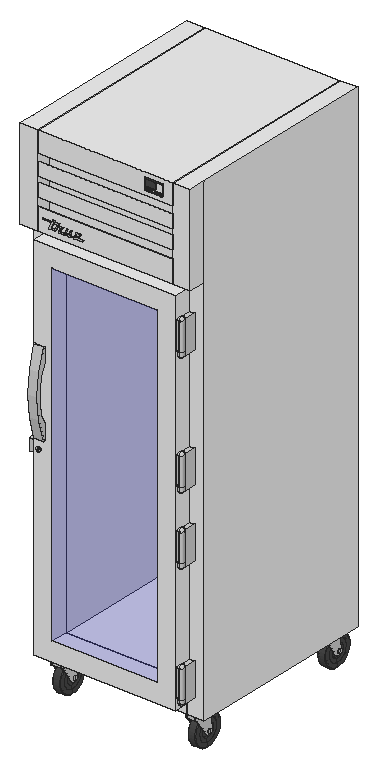
Revit family "QF_TRUE_STR1R-1G-HC", category Specialty Equipment, Revit 2012
Parameters
  Weight in Pounds = 0
  Watts = Volts * FL Amps  # 437 W
  Volts = 115 V
  URL Cutsheet = "www.truemfg.com"
  URL = "www.truemfg.com"
  Type Mark [instance] = ""
  Type Comments = ""
  Status [instance] = ""
  Specification by User [instance] = ""
  Specification by Manufacturer = ""
  Show Seismic Flanged [instance] = no
  Show Logo [instance] = yes
  Show Legs [instance] = no
  Show Clearance [instance] = yes
  Serial Number = ""
  Seismic Rating = ""
  Seismic Plate [instance] = and(Show Seismic Flanged, not(Show Casters))  # no
  SMACNA No = ""
  Revision Code [instance] = ""
  Phase = 1
  Omniclass Number and Title = ""
  Number of Poles [instance] = 1
  NAFEM Spec ID Number = ""
  Model = "STR1R-1G-HC"
  Min Ckt Ampacity = 0 A
  Max Overcurrent Protection = 0 A
  Masterspec = ""
  Manufacturer = "TRUE FOOD SERVICE EQUIPMENT, INC."
  Length = 27 1/2"
  Legs [instance] = or(Show Legs, Show Seismic Flanged)  # no
  Item Number [instance] = ""
  Installed By [instance] = ""
  Identify Quantity as Lot [instance] = yes
  Height = 77 3/4"
  HP = "1/4"
  Furnished By [instance] = ""
  Foodservice Equipment Identifier [instance] = yes
  FL Amps = 3.8 A
  Electrical Remarks [instance] = ""
  Electric Connection Type [instance] = ""
  Elec Conn RI Height [instance] = 0"
  Elec Conn Connection Height [instance] = 0"
  Description = "REACH-IN GLASS SWING DOOR REFRIGERATORS WITH HYDROCARBON REFRIGERANT"
  Depth = 33 3/4"
  Cycle = 60 Hz
  Conn Plug = "5-15P"
  Conn Conduit = yes
  Show Casters [instance] = and(not(if(Show Legs, Show Legs, Show Legs)), not(if(Show Legs, Show Legs, Show Seismic Flanged)))  # yes
  CSI MasterFormat = ""
  CSI Master Format = ""
  Apparent Power = if(Phase = 3, Volts * FL Amps * 1.73, Volts * FL Amps)  # 437 VA
Reference planes (in)
  plane 1 "BACK": y = 0
  plane 2: z = 0
  plane 3 "LEFT": x = 0
  plane 4 "RIGHT": x = 27.5
  plane 5 "FRONT": y = -33.75
  plane 6 "TOP": z = 84.125
  plane 7: z = 6.125
  plane 8: x = 2.84375
  plane 9: y = -33.7042
  plane 10: y = -35.21875
Forms (in)
  Extrusion 1, solid, material "QF_Finishes_Chrome - Satin"
    sketch origin (0.05, 0, 0) x (1, 0, 0) y (0, 1, 0)
      loop
        line (-0.05, 0) -> (-0.05, -31) -> (2.87859, -31) -> (2.87859, 0) -> (-0.05, 0)
    from 6.125 to 84.125
  Extrusion 2, solid, material "QF_Finishes_Chrome - Satin"
    sketch origin (50.15, 0, 0) x (1, 0, 0) y (0, 1, 0)
      loop
        line (-25.44375, 0) -> (-25.44375, -31) -> (-22.65, -31) -> (-22.65, 0) -> (-25.44375, 0)
    from 6.125 to 84.125
  Extrusion 3, solid, material "QF_Finishes_Chrome - Satin"
    sketch origin (0, 0, 0) x (0, 1, 0) y (0, 0, 1)
      loop
        line (-33.7042, 69.5) -> (-31, 69.5) -> (-31, 67) -> (-30, 67) -> (-30, 69.5) -> (-2, 69.5) -> (-2, 8.98627) -> (-31, 8.98627) -> (-31, 6.125) -> (0, 6.125) -> (0, 84.125) -> (-33.7042, 84.125) -> (-33.7042, 80.78078) -> (-31.5, 79.21352) -> (-31.5, 78.09125) -> (-33.7042, 79.65851) -> (-33.7042, 77.5248) -> (-31.5, 75.95754) -> (-31.5, 74.99678) -> (-33.7042, 76.56404) -> (-33.7042, 74.46784) -> (-31.5, 72.90057) -> (-31.5, 71.625) -> (-33.7042, 73.19226) -> (-33.7042, 69.5)
    from 2.92859 to 24.70625
  Extrusion 4, solid, material "QF_Finishes_Chrome - Satin"
    sketch origin (0, 0, 0) x (1, 0, 0) y (0, 1, 0)
      loop
        line (27.45312, -31) -> (24.70625, -31) -> (24.70625, -33.75) -> (27.45312, -33.75) -> (27.45312, -31)
    from 69.5 to 84.125
  Extrusion 5, solid, material "QF_Finishes_Chrome - Satin"
    sketch origin (-50.125, 0, 0.25) x (1, 0, 0) y (0, 1, 0)
      loop
        line (53.05359, -31) -> (50.17188, -31) -> (50.17188, -33.75) -> (53.05359, -33.75) -> (53.05359, -31)
    from 69.25 to 83.875
  Extrusion 6, solid, material "QF_Finishes_Chrome - Satin"
    sketch origin (-24.96875, 0, -0.71875) x (1, 0, 0) y (0, 0, 1)
      loop
        line (27.15625, 8.75) -> (50.09375, 8.75) -> (50.09375, 68.6875) -> (27.15625, 68.6875) -> (27.15625, 8.75)
      loop
        line (30.15625, 65.6875) -> (30.15625, 11.75) -> (47.1875, 11.75) -> (47.1875, 65.6875) -> (30.15625, 65.6875)
    from 31 to 33.75
  Extrusion 7, solid, material "QF_Finishes_Handrails and Railings"
    sketch origin (-8.40259, -0.25, 93.45208) x (0, 1, 0) y (0, 0, 1)
      loop
        line (-33.5, -53.875) -> (-33.5, -51.475)
        arc (-33.5, -51.475) -> (-34.52642, -47.075) -> (-33.5, -42.675) r 9.94402
        line (-33.5, -42.675) -> (-33.5, -40.275) -> (-33.7, -40.275)
        arc (-33.7, -40.275) -> (-34.96911, -47.075) -> (-33.7, -53.875) r 18.85204
        line (-33.7, -53.875) -> (-33.5, -53.875)
    from 10.87731 to 12.37731
  Extrusion 8, solid, material "QF_Finishes_Handrails and Railings"
    sketch origin (-23.375, 0, -2) x (1, 0, 0) y (0, 0, 1)
      loop
        circle (26.4375, 40.0625) r 0.35
      loop
        line (26.47265, 40.33635) -> (26.41715, 40.33635) -> (26.41715, 39.76895) -> (26.47265, 39.76895) -> (26.47265, 40.33635)
    from 33.5 to 33.83066
  Extrusion 9, solid, material "QF_Finishes_Handrails and Railings", visible <- "Show Logo"
    sketch origin (0.33478, 1.08173, -6.73143) x (1, 0, 0) y (0, 0, 1)
      loop
        line (3.46044, 78.46231) -> (3.35478, 78.23573) -> (4.76027, 78.23573)
        arc (4.76027, 78.23573) -> (4.78879, 78.18528) -> (4.76027, 78.13484) r 0.05887
        line (4.76027, 78.13484) -> (4.39369, 77.34872)
        arc (4.39369, 77.34872) -> (4.39051, 77.27591) -> (4.43975, 77.22217) r 0.09523
        line (4.43975, 77.22217) -> (5.33844, 77.22217)
        arc (5.33844, 77.22217) -> (5.45192, 77.25795) -> (5.52436, 77.35235) r 0.19785
        line (5.52436, 77.35235) -> (5.81285, 77.97101) -> (6.0779, 77.97101)
        arc (6.0779, 77.97101) -> (6.14744, 77.94543) -> (6.13737, 77.87203) r 0.05911
        line (6.13737, 77.87203) -> (5.89598, 77.35437)
        arc (5.89598, 77.35437) -> (5.89974, 77.2684) -> (5.97231, 77.22217) r 0.09318
        line (5.97231, 77.22217) -> (6.76198, 77.22217)
        arc (6.76198, 77.22217) -> (6.82249, 77.24419) -> (6.85468, 77.29995) r 0.09412
        arc (6.85468, 77.29995) -> (6.87746, 77.24495) -> (6.93246, 77.22217) r 0.07778
        line (6.93246, 77.22217) -> (7.43246, 77.22217)
        arc (7.43246, 77.22217) -> (7.49022, 77.23765) -> (7.53251, 77.27993) r 0.11552
        arc (7.53251, 77.27993) -> (7.55275, 77.23106) -> (7.60162, 77.21081) r 0.06912
        line (7.60162, 77.21081) -> (8.31225, 77.21081)
        arc (8.31225, 77.21081) -> (8.37034, 77.23488) -> (8.39441, 77.29297) r 0.08216
        arc (8.39441, 77.29297) -> (8.44767, 77.23972) -> (8.52042, 77.22022) r 0.14551
        line (8.52042, 77.22022) -> (9.85158, 77.22022) -> (9.99946, 77.47634) -> (8.65678, 77.47634)
        arc (8.65678, 77.47634) -> (8.61972, 77.50204) -> (8.61834, 77.54711) r 0.05009
        line (8.61834, 77.54711) -> (8.64157, 77.59692)
        arc (8.64157, 77.59692) -> (8.67723, 77.64364) -> (8.73327, 77.66135) r 0.09747
        line (8.73327, 77.66135) -> (9.16485, 77.66135)
        arc (9.16485, 77.66135) -> (9.258, 77.68631) -> (9.32619, 77.7545) r 0.1863
        line (9.32619, 77.7545) -> (9.45119, 77.97101)
        arc (9.45119, 77.97101) -> (9.45119, 78.08657) -> (9.35111, 78.14434) r 0.11556
        line (9.35111, 78.14434) -> (8.89562, 78.14434)
        arc (8.89562, 78.14434) -> (8.7795, 78.12462) -> (8.69849, 78.03912) r 0.18605
        line (8.69849, 78.03912) -> (8.48204, 77.57493)
        arc (8.48204, 77.57493) -> (8.41815, 77.49167) -> (8.31806, 77.46011) r 0.1745
        line (8.31806, 77.46011) -> (7.84559, 77.46011)
        arc (7.84559, 77.46011) -> (7.78903, 77.52184) -> (7.79268, 77.60548) r 0.10939
        line (7.79268, 77.60548) -> (8.04395, 78.14434) -> (7.88403, 78.14434) -> (7.61781, 77.57344)
        arc (7.61781, 77.57344) -> (7.56609, 77.50603) -> (7.48505, 77.48048) r 0.14128
        line (7.48505, 77.48048) -> (7.15925, 77.48048)
        arc (7.15925, 77.48048) -> (7.10419, 77.55223) -> (7.116, 77.64189) r 0.11816
        line (7.116, 77.64189) -> (7.3503, 78.14434) -> (7.18514, 78.14434) -> (6.91546, 77.566)
        arc (6.91546, 77.566) -> (6.85285, 77.50339) -> (6.76733, 77.48048) r 0.17104
        line (6.76733, 77.48048) -> (6.29555, 77.48048)
        arc (6.29555, 77.48048) -> (6.21082, 77.51999) -> (6.20267, 77.61313) r 0.0935
        line (6.20267, 77.61313) -> (6.35774, 77.94569) -> (6.57695, 77.94569)
        arc (6.57695, 77.94569) -> (6.61395, 78.05717) -> (6.69267, 78.14434) r 0.2857
        line (6.69267, 78.14434) -> (5.83605, 78.14434)
        arc (5.83605, 78.14434) -> (5.74086, 78.12324) -> (5.67498, 78.05135) r 0.16212
        line (5.67498, 78.05135) -> (5.44279, 77.55341)
        arc (5.44279, 77.55341) -> (5.3894, 77.50002) -> (5.31647, 77.48048) r 0.14586
        line (5.31647, 77.48048) -> (4.80506, 77.48048)
        arc (4.80506, 77.48048) -> (4.76514, 77.53442) -> (4.77274, 77.60109) r 0.09155
        line (4.77274, 77.60109) -> (5.11018, 78.23573) -> (5.96155, 78.23573) -> (6.06721, 78.46231) -> (5.21584, 78.46231) -> (5.32149, 78.68888) -> (5.01862, 78.68888) -> (4.91297, 78.46231) -> (3.46044, 78.46231)
      loop
        arc (8.83805, 77.93863) -> (8.80119, 77.92875) -> (8.7742, 77.90176) r 0.07373
        line (8.7742, 77.90176) -> (8.75229, 77.83436)
        arc (8.75229, 77.83436) -> (8.76245, 77.80983) -> (8.78699, 77.79966) r 0.0347
        line (8.78699, 77.79966) -> (9.15948, 77.79966)
        arc (9.15948, 77.79966) -> (9.18632, 77.80561) -> (9.20812, 77.82234) r 0.0635
        line (9.20812, 77.82234) -> (9.22624, 77.90622)
        arc (9.22624, 77.90622) -> (9.22091, 77.92868) -> (9.20009, 77.93863) r 0.02676
        line (9.20009, 77.93863) -> (8.83805, 77.93863)
    from 34.76797 to 34.83173
  Extrusion 10, solid, material "QF_Finishes_White"
    sketch origin (-23.16691, 1.06376, 1.58022) x (1, 0, 0) y (0, 0, 1)
      loop
        line (43.31732, 81.73227) -> (43.31732, 79.98496) -> (46.22357, 79.98496) -> (46.22357, 81.73227) -> (43.31732, 81.73227)
    from 34.75 to 34.76797
  Extrusion 11, solid, material "QF_Finishes_Black"
    sketch origin (-23.16691, 1.06376, 1.58022) x (1, 0, 0) y (0, 0, 1)
      loop
        line (46.28607, 81.79477) -> (43.25482, 81.79477) -> (43.25482, 79.92246) -> (46.28607, 79.92246) -> (46.28607, 81.79477)
      loop
        spline (43.45482, 80.25372) -> (43.46333, 80.23754) -> (43.48831, 80.22247) -> (43.52804, 80.20952) -> (43.57982, 80.19959) -> (43.64011, 80.19335) -> (43.70482, 80.19122) -> (43.76952, 80.19335) -> (43.82982, 80.19959) -> (43.88159, 80.20952) -> (43.92132, 80.22247) -> (43.9463, 80.23754) -> (43.95482, 80.25372)
        spline (43.95482, 80.25372) -> (43.9463, 80.26989) -> (43.92132, 80.28497) -> (43.88159, 80.29791) -> (43.82982, 80.30784) -> (43.76952, 80.31409) -> (43.70482, 80.31622) -> (43.64011, 80.31409) -> (43.57982, 80.30784) -> (43.52804, 80.29791) -> (43.48831, 80.28497) -> (43.46333, 80.26989) -> (43.45482, 80.25372)
      loop
        spline (44.15083, 80.25372) -> (44.15935, 80.23754) -> (44.18432, 80.22247) -> (44.22405, 80.20952) -> (44.27583, 80.19959) -> (44.33612, 80.19335) -> (44.40083, 80.19122) -> (44.46553, 80.19335) -> (44.52583, 80.19959) -> (44.57761, 80.20952) -> (44.61734, 80.22247) -> (44.64231, 80.23754) -> (44.65083, 80.25372)
        spline (44.65083, 80.25372) -> (44.64231, 80.26989) -> (44.61734, 80.28497) -> (44.57761, 80.29791) -> (44.52583, 80.30784) -> (44.46553, 80.31409) -> (44.40083, 80.31622) -> (44.33612, 80.31409) -> (44.27583, 80.30784) -> (44.22405, 80.29791) -> (44.18432, 80.28497) -> (44.15935, 80.26989) -> (44.15083, 80.25372)
      loop
        spline (44.90083, 80.25372) -> (44.90935, 80.23754) -> (44.93432, 80.22247) -> (44.97405, 80.20952) -> (45.02583, 80.19959) -> (45.08612, 80.19335) -> (45.15083, 80.19122) -> (45.21553, 80.19335) -> (45.27583, 80.19959) -> (45.32761, 80.20952) -> (45.36734, 80.22247) -> (45.39231, 80.23754) -> (45.40083, 80.25372)
        spline (45.40083, 80.25372) -> (45.39231, 80.26989) -> (45.36734, 80.28497) -> (45.32761, 80.29791) -> (45.27583, 80.30784) -> (45.21553, 80.31409) -> (45.15083, 80.31622) -> (45.08612, 80.31409) -> (45.02583, 80.30784) -> (44.97405, 80.29791) -> (44.93432, 80.28497) -> (44.90935, 80.26989) -> (44.90083, 80.25372)
      loop
        line (43.45481, 81.59478) -> (43.45481, 80.59478) -> (45.15433, 80.59478) -> (45.15433, 81.59478) -> (43.45481, 81.59478)
      loop
        line (46.22357, 81.73227) -> (43.31732, 81.73227) -> (43.31732, 79.98496) -> (46.22357, 79.98496) -> (46.22357, 81.73227)
      loop
        spline (45.65083, 80.25372) -> (45.65935, 80.23754) -> (45.68432, 80.22247) -> (45.72405, 80.20952) -> (45.77583, 80.19959) -> (45.83612, 80.19335) -> (45.90083, 80.19122) -> (45.96553, 80.19335) -> (46.02583, 80.19959) -> (46.07761, 80.20952) -> (46.11734, 80.22247) -> (46.14231, 80.23754) -> (46.15083, 80.25372)
        spline (46.15083, 80.25372) -> (46.14231, 80.26989) -> (46.11734, 80.28497) -> (46.07761, 80.29791) -> (46.02583, 80.30784) -> (45.96553, 80.31409) -> (45.90083, 80.31622) -> (45.83612, 80.31409) -> (45.77583, 80.30784) -> (45.72405, 80.29791) -> (45.68432, 80.28497) -> (45.65935, 80.26989) -> (45.65083, 80.25372)
    from 34.76797 to 34.80335
  Extrusion 12, solid
    sketch origin (-25.125, 0, 0) x (1, 0, 0) y (0, 0, 1)
      loop
        circle (49.375, 82) r 0.25
    from 0 to 0.0625
  Blend 13, solid, material "QF_Finishes_Handrails and Railings"
    base sketch origin (27.53125, 0, 0) x (-1, 0, 0) y (0, 0, -1)
      loop
        line (25.25, -38.99169) -> (26, -38.99169) -> (26, -37.24169) -> (25.25, -37.24169) -> (25.25, -38.99169)
    top sketch origin (27.53125, 0, 0) x (-1, 0, 0) y (0, 0, -1)
      loop
        line (26.18223, -36.6441) -> (25.25, -36.6441) -> (25.25, -39.42643) -> (26.18223, -39.42643) -> (26.18223, -36.6441)
    from 33.57883 to 31
  Extrusion 14, solid, material "QF_Finishes_Handrails and Railings"
    sketch origin (26.1875, 0, 0) x (0, 1, 0) y (0, 0, -1)
      loop
        line (-31, -64.55229) -> (-31, -59.23627) -> (-33.25, -59.23627) -> (-33.25, -59.94848) -> (-32.81497, -59.94848) -> (-32.81497, -64.34776)
        arc (-32.81497, -64.34776) -> (-32.75506, -64.49238) -> (-32.61044, -64.55229) r 0.20453
        line (-32.61044, -64.55229) -> (-31, -64.55229)
    from 0.17506 to 1
  Revolve 15, solid, material "QF_Finishes_Handrails and Railings"
    sketch origin (25.6875, 0, 0) x (0, 1, 0) y (0, 0, -1)
      loop
        line (-33.26563, -60.00189) -> (-33.67229, -60.00189) -> (-33.67229, -64.4736)
        arc (-33.67229, -64.4736) -> (-33.53722, -64.72557) -> (-33.26563, -64.81483) r 0.3848
        line (-33.26563, -64.81483) -> (-33.26563, -60.00189)
      loop
        line (-33.26563, -59.94848) -> (-33.26563, -59.04781)
        arc (-33.26563, -59.04781) -> (-33.53264, -59.13383) -> (-33.67229, -59.37712) r 0.38884
        line (-33.67229, -59.37712) -> (-33.67229, -59.94848) -> (-33.26563, -59.94848)
      axis (-33.26563, -59.04781) -> (-33.26563, -64.81483)
    angle from 0 to 360
  Extrusion 16, solid, material "QF_Finishes_Handrails and Railings"
    sketch origin (27.5, 0, 0) x (-1, 0, 0) y (0, 0, -1)
      loop
        line (1.91491, -64.4736) -> (2.3125, -64.4736) -> (2.3125, -60.00079) -> (1.91491, -60.00079) -> (1.91491, -64.4736)
    from 32.81497 to 33.59495
  Extrusion 17, solid, material "QF_Finishes_Handrails and Railings"
    sketch origin (26.1875, 0, -19.5) x (0, 1, 0) y (0, 0, -1)
      loop
        line (-31, -64.55229) -> (-31, -59.23627) -> (-33.25, -59.23627) -> (-33.25, -59.94848) -> (-32.81497, -59.94848) -> (-32.81497, -64.34776)
        arc (-32.81497, -64.34776) -> (-32.75506, -64.49238) -> (-32.61044, -64.55229) r 0.20453
        line (-32.61044, -64.55229) -> (-31, -64.55229)
    from 0.17506 to 1
  Revolve 18, solid, material "QF_Finishes_Handrails and Railings"
    sketch origin (25.6875, 0, -19.5) x (0, 1, 0) y (0, 0, -1)
      loop
        line (-33.26563, -60.00189) -> (-33.67229, -60.00189) -> (-33.67229, -64.4736)
        arc (-33.67229, -64.4736) -> (-33.53722, -64.72557) -> (-33.26563, -64.81483) r 0.3848
        line (-33.26563, -64.81483) -> (-33.26563, -60.00189)
      loop
        line (-33.26563, -59.94848) -> (-33.26563, -59.04781)
        arc (-33.26563, -59.04781) -> (-33.53264, -59.13383) -> (-33.67229, -59.37712) r 0.38884
        line (-33.67229, -59.37712) -> (-33.67229, -59.94848) -> (-33.26563, -59.94848)
      axis (-33.26563, -59.04781) -> (-33.26563, -64.81483)
    angle from 0 to 360
  Extrusion 19, solid, material "QF_Finishes_Handrails and Railings"
    sketch origin (27.5, 0, -19.5) x (-1, 0, 0) y (0, 0, -1)
      loop
        line (1.91491, -64.4736) -> (2.3125, -64.4736) -> (2.3125, -60.00079) -> (1.91491, -60.00079) -> (1.91491, -64.4736)
    from 32.81497 to 33.59495
  Extrusion 20, solid, material "QF_Finishes_Handrails and Railings"
    sketch origin (26.1875, 0, -30.5) x (0, 1, 0) y (0, 0, -1)
      loop
        line (-31, -64.55229) -> (-31, -59.23627) -> (-33.25, -59.23627) -> (-33.25, -59.94848) -> (-32.81497, -59.94848) -> (-32.81497, -64.34776)
        arc (-32.81497, -64.34776) -> (-32.75506, -64.49238) -> (-32.61044, -64.55229) r 0.20453
        line (-32.61044, -64.55229) -> (-31, -64.55229)
    from 0.17506 to 1
  Revolve 21, solid, material "QF_Finishes_Handrails and Railings"
    sketch origin (25.6875, 0, -30.5) x (0, 1, 0) y (0, 0, -1)
      loop
        line (-33.26563, -60.00189) -> (-33.67229, -60.00189) -> (-33.67229, -64.4736)
        arc (-33.67229, -64.4736) -> (-33.53722, -64.72557) -> (-33.26563, -64.81483) r 0.3848
        line (-33.26563, -64.81483) -> (-33.26563, -60.00189)
      loop
        line (-33.26563, -59.94848) -> (-33.26563, -59.04781)
        arc (-33.26563, -59.04781) -> (-33.53264, -59.13383) -> (-33.67229, -59.37712) r 0.38884
        line (-33.67229, -59.37712) -> (-33.67229, -59.94848) -> (-33.26563, -59.94848)
      axis (-33.26563, -59.04781) -> (-33.26563, -64.81483)
    angle from 0 to 360
  Extrusion 22, solid, material "QF_Finishes_Handrails and Railings"
    sketch origin (27.5, 0, -30.5) x (-1, 0, 0) y (0, 0, -1)
      loop
        line (1.91491, -64.4736) -> (2.3125, -64.4736) -> (2.3125, -60.00079) -> (1.91491, -60.00079) -> (1.91491, -64.4736)
    from 32.81497 to 33.59495
  Extrusion 23, solid, material "QF_Finishes_Handrails and Railings"
    sketch origin (26.1875, 0, -50.25) x (0, 1, 0) y (0, 0, -1)
      loop
        line (-31, -64.55229) -> (-31, -59.23627) -> (-33.25, -59.23627) -> (-33.25, -59.94848) -> (-32.81497, -59.94848) -> (-32.81497, -64.34776)
        arc (-32.81497, -64.34776) -> (-32.75506, -64.49238) -> (-32.61044, -64.55229) r 0.20453
        line (-32.61044, -64.55229) -> (-31, -64.55229)
    from 0.17506 to 1
  Revolve 24, solid, material "QF_Finishes_Handrails and Railings"
    sketch origin (25.6875, 0, -50.25) x (0, 1, 0) y (0, 0, -1)
      loop
        line (-33.26563, -60.00189) -> (-33.67229, -60.00189) -> (-33.67229, -64.4736)
        arc (-33.67229, -64.4736) -> (-33.53722, -64.72557) -> (-33.26563, -64.81483) r 0.3848
        line (-33.26563, -64.81483) -> (-33.26563, -60.00189)
      loop
        line (-33.26563, -59.94848) -> (-33.26563, -59.04781)
        arc (-33.26563, -59.04781) -> (-33.53264, -59.13383) -> (-33.67229, -59.37712) r 0.38884
        line (-33.67229, -59.37712) -> (-33.67229, -59.94848) -> (-33.26563, -59.94848)
      axis (-33.26563, -59.04781) -> (-33.26563, -64.81483)
    angle from 0 to 360
  Extrusion 25, solid, material "QF_Finishes_Handrails and Railings"
    sketch origin (27.5, 0, -50.25) x (-1, 0, 0) y (0, 0, -1)
      loop
        line (1.91491, -64.4736) -> (2.3125, -64.4736) -> (2.3125, -60.00079) -> (1.91491, -60.00079) -> (1.91491, -64.4736)
    from 32.81497 to 33.59495
  Revolve 26, solid, material "QF_Finishes_Black", visible <- "Show Casters"
    sketch origin (22.65625, -27.375, 0) x (1, 0, 0) y (0, 0, 1)
      loop
        line (1.475, 5) -> (1.375, 4.9) -> (1.375, 4.29941) -> (1.53601, 4.29941) -> (1.53601, 3.54941) -> (1.375, 3.54941) -> (1.375, 2.79941) -> (0.975, 2.79941) -> (0.975, 2.5) -> (3.025, 2.5) -> (3.025, 2.79941) -> (2.62908, 2.79941) -> (2.62908, 3.54941) -> (2.46399, 3.54941) -> (2.46399, 4.29941) -> (2.62908, 4.29941) -> (2.62908, 4.89592) -> (2.525, 5) -> (1.475, 5)
      axis (3.025, 2.5) -> (0.975, 2.5)
    angle from 0 to 360
  Extrusion 27, solid, material "QF_Finishes_Handrails and Railings", visible <- "Show Casters"
    sketch origin (22.5625, 0, 0) x (0, 1, 0) y (0, 0, 1)
      loop
        line (-29.95136, 5.48574) -> (-29.95136, 4.88089) -> (-29.70136, 4.88089) -> (-27.95216, 2.18736)
        arc (-27.95216, 2.18736) -> (-27.23883, 1.94868) -> (-26.84581, 2.59003) r 0.60416
        line (-26.84581, 2.59003) -> (-27.20136, 5.48574) -> (-29.95136, 5.48574)
      loop
        line (-3.8577, 5.48574) -> (-3.8577, 4.88089) -> (-3.6077, 4.88089) -> (-1.8585, 2.18736)
        arc (-1.8585, 2.18736) -> (-1.14517, 1.94868) -> (-0.75215, 2.59003) r 0.60416
        line (-0.75215, 2.59003) -> (-1.1077, 5.48574) -> (-3.8577, 5.48574)
    from 1.175 to 1.325
  Extrusion 28, solid, material "QF_Finishes_Handrails and Railings", visible <- "Show Casters"
    sketch origin (24.0625, 0, 0) x (0, 1, 0) y (0, 0, 1)
      loop
        line (-29.95136, 5.48574) -> (-29.95136, 4.88089) -> (-29.70136, 4.88089) -> (-27.95216, 2.18736)
        arc (-27.95216, 2.18736) -> (-27.23883, 1.94868) -> (-26.84581, 2.59003) r 0.60416
        line (-26.84581, 2.59003) -> (-27.20136, 5.48574) -> (-29.95136, 5.48574)
      loop
        line (-3.8577, 5.48574) -> (-3.8577, 4.88089) -> (-3.6077, 4.88089) -> (-1.8585, 2.18736)
        arc (-1.8585, 2.18736) -> (-1.14517, 1.94868) -> (-0.75215, 2.59003) r 0.60416
        line (-0.75215, 2.59003) -> (-1.1077, 5.48574) -> (-3.8577, 5.48574)
    from 1.175 to 1.325
  Revolve 29, solid, material "QF_Finishes_Chrome - Satin", visible <- "Show Casters"
    sketch origin (22.65625, -28.5625, -0.5) x (1, 0, 0) y (0, 0, 1)
      loop
        line (2, 5.99546) -> (2, 6.62359) -> (0.70293, 6.62359) -> (0.70293, 5.99546) -> (2, 5.99546)
      axis (2, 5.99546) -> (2, 6.62359)
    angle from 0 to 360
  Revolve 30, solid, material "QF_Finishes_Chrome - Satin", visible <- "Legs"
    sketch origin (22.65625, -2.69102, 0) x (1, 0, 0) y (0, 0, 1)
      loop
        line (2, 6.125) -> (0.66662, 6.125) -> (1.25, 1) -> (1.5, 1) -> (1.5, 0) -> (2, 0) -> (2, 6.125)
      axis (2, 0) -> (2, 6.125)
    angle from 0 to 360
  Revolve 31, solid, material "QF_Finishes_Chrome - Satin", visible <- "Legs"
    sketch origin (22.65625, -28.65977, 0) x (1, 0, 0) y (0, 0, 1)
      loop
        line (2, 6.125) -> (0.66662, 6.125) -> (1.25, 1) -> (1.5, 1) -> (1.5, 0) -> (2, 0) -> (2, 6.125)
      axis (2, 0) -> (2, 6.125)
    angle from 0 to 360
  Revolve 32, solid, material "QF_Finishes_Chrome - Satin", visible <- "Show Casters"
    sketch origin (22.65625, -2.70321, -0.5) x (1, 0, 0) y (0, 0, 1)
      loop
        line (2, 5.99546) -> (2, 6.62359) -> (0.70293, 6.62359) -> (0.70293, 5.99546) -> (2, 5.99546)
      axis (2, 5.99546) -> (2, 6.62359)
    angle from 0 to 360
  Extrusion 33, solid, material "QF_Finishes_Handrails and Railings", visible <- "Show Casters"
    sketch origin (-25.21875, 0, 0) x (0, 1, 0) y (0, 0, 1)
      loop
        line (-29.95136, 5.48574) -> (-29.95136, 4.88089) -> (-29.70136, 4.88089) -> (-27.16533, 5.19227) -> (-27.20136, 5.48574) -> (-29.95136, 5.48574)
      loop
        line (-3.8577, 5.48574) -> (-3.8577, 4.88089) -> (-3.6077, 4.88089) -> (-1.07167, 5.19227) -> (-1.1077, 5.48574) -> (-3.8577, 5.48574)
    from 49.10625 to 50.45625
  Revolve 34, solid, material "QF_Finishes_Black", visible <- "Show Casters"
    sketch origin (22.65625, -1.21875, 0) x (1, 0, 0) y (0, 0, 1)
      loop
        line (1.475, 5) -> (1.375, 4.9) -> (1.375, 4.29941) -> (1.53601, 4.29941) -> (1.53601, 3.54941) -> (1.375, 3.54941) -> (1.375, 2.79941) -> (0.975, 2.79941) -> (0.975, 2.5) -> (3.025, 2.5) -> (3.025, 2.79941) -> (2.62908, 2.79941) -> (2.62908, 3.54941) -> (2.46399, 3.54941) -> (2.46399, 4.29941) -> (2.62908, 4.29941) -> (2.62908, 4.89592) -> (2.525, 5) -> (1.475, 5)
      axis (3.025, 2.5) -> (0.975, 2.5)
    angle from 0 to 360
  Revolve 35, solid, material "QF_Finishes_Black", visible <- "Show Casters"
    sketch origin (0.84375, -27.375, 0) x (1, 0, 0) y (0, 0, 1)
      loop
        line (1.475, 5) -> (1.375, 4.9) -> (1.375, 4.29941) -> (1.53601, 4.29941) -> (1.53601, 3.54941) -> (1.375, 3.54941) -> (1.375, 2.79941) -> (0.975, 2.79941) -> (0.975, 2.5) -> (3.025, 2.5) -> (3.025, 2.79941) -> (2.62908, 2.79941) -> (2.62908, 3.54941) -> (2.46399, 3.54941) -> (2.46399, 4.29941) -> (2.62908, 4.29941) -> (2.62908, 4.89592) -> (2.525, 5) -> (1.475, 5)
      axis (3.025, 2.5) -> (0.975, 2.5)
    angle from 0 to 360
  Extrusion 36, solid, material "QF_Finishes_Handrails and Railings", visible <- "Show Casters"
    sketch origin (0.84375, 0, 0) x (0, 1, 0) y (0, 0, 1)
      loop
        line (-29.95136, 5.48574) -> (-29.95136, 4.88089) -> (-29.70136, 4.88089) -> (-27.95216, 2.18736)
        arc (-27.95216, 2.18736) -> (-27.23883, 1.94868) -> (-26.84581, 2.59003) r 0.60416
        line (-26.84581, 2.59003) -> (-27.20136, 5.48574) -> (-29.95136, 5.48574)
      loop
        line (-3.8577, 5.48574) -> (-3.8577, 4.88089) -> (-3.6077, 4.88089) -> (-1.8585, 2.18736)
        arc (-1.8585, 2.18736) -> (-1.14517, 1.94868) -> (-0.75215, 2.59003) r 0.60416
        line (-0.75215, 2.59003) -> (-1.1077, 5.48574) -> (-3.8577, 5.48574)
    from 1.175 to 1.325
  Extrusion 37, solid, material "QF_Finishes_Handrails and Railings", visible <- "Show Casters"
    sketch origin (2.34375, 0, 0) x (0, 1, 0) y (0, 0, 1)
      loop
        line (-29.95136, 5.48574) -> (-29.95136, 4.88089) -> (-29.70136, 4.88089) -> (-27.95216, 2.18736)
        arc (-27.95216, 2.18736) -> (-27.23883, 1.94868) -> (-26.84581, 2.59003) r 0.60416
        line (-26.84581, 2.59003) -> (-27.20136, 5.48574) -> (-29.95136, 5.48574)
      loop
        line (-3.8577, 5.48574) -> (-3.8577, 4.88089) -> (-3.6077, 4.88089) -> (-1.8585, 2.18736)
        arc (-1.8585, 2.18736) -> (-1.14517, 1.94868) -> (-0.75215, 2.59003) r 0.60416
        line (-0.75215, 2.59003) -> (-1.1077, 5.48574) -> (-3.8577, 5.48574)
    from 1.175 to 1.325
  Revolve 38, solid, material "QF_Finishes_Chrome - Satin", visible <- "Show Casters"
    sketch origin (0.84375, -28.5625, -0.5) x (1, 0, 0) y (0, 0, 1)
      loop
        line (2, 5.99546) -> (2, 6.62359) -> (0.70293, 6.62359) -> (0.70293, 5.99546) -> (2, 5.99546)
      axis (2, 5.99546) -> (2, 6.62359)
    angle from 0 to 360
  Revolve 39, solid, material "QF_Finishes_Chrome - Satin", visible <- "Legs"
    sketch origin (0.84375, -2.69102, 0) x (1, 0, 0) y (0, 0, 1)
      loop
        line (2, 6.125) -> (0.66662, 6.125) -> (1.25, 1) -> (1.5, 1) -> (1.5, 0) -> (2, 0) -> (2, 6.125)
      axis (2, 0) -> (2, 6.125)
    angle from 0 to 360
  Revolve 40, solid, material "QF_Finishes_Chrome - Satin", visible <- "Legs"
    sketch origin (0.84375, -28.65977, 0) x (1, 0, 0) y (0, 0, 1)
      loop
        line (2, 6.125) -> (0.66662, 6.125) -> (1.25, 1) -> (1.5, 1) -> (1.5, 0) -> (2, 0) -> (2, 6.125)
      axis (2, 0) -> (2, 6.125)
    angle from 0 to 360
  Revolve 41, solid, material "QF_Finishes_Chrome - Satin", visible <- "Show Casters"
    sketch origin (0.84375, -2.70321, -0.5) x (1, 0, 0) y (0, 0, 1)
      loop
        line (2, 5.99546) -> (2, 6.62359) -> (0.70293, 6.62359) -> (0.70293, 5.99546) -> (2, 5.99546)
      axis (2, 5.99546) -> (2, 6.62359)
    angle from 0 to 360
  Extrusion 42, solid, material "QF_Finishes_Handrails and Railings", visible <- "Show Casters"
    sketch origin (-46.9375, 0, 0) x (0, 1, 0) y (0, 0, 1)
      loop
        line (-29.95136, 5.48574) -> (-29.95136, 4.88089) -> (-29.70136, 4.88089) -> (-27.16533, 5.19227) -> (-27.20136, 5.48574) -> (-29.95136, 5.48574)
      loop
        line (-3.8577, 5.48574) -> (-3.8577, 4.88089) -> (-3.6077, 4.88089) -> (-1.07167, 5.19227) -> (-1.1077, 5.48574) -> (-3.8577, 5.48574)
    from 49.10625 to 50.45625
  Revolve 43, solid, material "QF_Finishes_Black", visible <- "Show Casters"
    sketch origin (0.84375, -1.21875, 0) x (1, 0, 0) y (0, 0, 1)
      loop
        line (1.475, 5) -> (1.375, 4.9) -> (1.375, 4.29941) -> (1.53601, 4.29941) -> (1.53601, 3.54941) -> (1.375, 3.54941) -> (1.375, 2.79941) -> (0.975, 2.79941) -> (0.975, 2.5) -> (3.025, 2.5) -> (3.025, 2.79941) -> (2.62908, 2.79941) -> (2.62908, 3.54941) -> (2.46399, 3.54941) -> (2.46399, 4.29941) -> (2.62908, 4.29941) -> (2.62908, 4.89592) -> (2.525, 5) -> (1.475, 5)
      axis (3.025, 2.5) -> (0.975, 2.5)
    angle from 0 to 360
  Extrusion 44, solid, material "QF_Door-Drawer Clearances", visible <- "Show Clearance", detail levels coarse
    sketch origin (26.30341, -3.6098, 0) x (1, 0, 0) y (0, 1, 0)
      loop
        line (-1.17841, -30.1402) -> (-24.14716, -30.1402)
        arc (-24.14716, -30.1402) -> (-17.41977, -46.38156) -> (-1.17841, -53.10895) r 22.96875
        line (-1.17841, -53.10895) -> (-1.17841, -30.1402)
    from 8.03125 to 67.96875
  Extrusion 45, solid, material "Glass"
    sketch origin (-24.96875, 0, -0.71875) x (1, 0, 0) y (0, 0, 1)
      loop
        line (30.15625, 65.6875) -> (30.15625, 11.75) -> (47.1875, 11.75) -> (47.1875, 65.6875) -> (30.15625, 65.6875)
    from 31 to 33.75
  Extrusion 46, solid, material "QF_Finishes_Chrome - Satin", visible <- "Seismic Plate"
    sketch origin (-0.22541, -26.96562, 0) x (1, 0, 0) y (0, 1, 0)
      loop
        circle (3.06916, -1.69416) r 1.5
    from 0 to 0.25
  Extrusion 47, solid, material "QF_Finishes_Chrome - Satin", visible <- "Seismic Plate"
    sketch origin (-0.22541, -0.99687, 0) x (1, 0, 0) y (0, 1, 0)
      loop
        circle (3.06916, -1.69416) r 1.5
    from 0 to 0.25
  Extrusion 48, solid, material "QF_Finishes_Chrome - Satin", visible <- "Seismic Plate"
    sketch origin (21.49334, -0.99687, 0) x (1, 0, 0) y (0, 1, 0)
      loop
        circle (3.16291, -1.69416) r 1.5
    from 0 to 0.25
  Extrusion 49, solid, material "QF_Finishes_Chrome - Satin", visible <- "Seismic Plate"
    sketch origin (21.49334, -26.96562, 0) x (1, 0, 0) y (0, 1, 0)
      loop
        circle (3.16291, -1.69416) r 1.5
    from 0 to 0.25
Cuts and joins
  joined: Extrusion 1, Extrusion 2, Extrusion 4, Extrusion 5
Lines and regions (in)
  symbolic lines
    curve 1: line (0, 0, 0) -> (27.5, 0, 0)
    curve 2: line (0, -33.75, 0) -> (0, 0, 0)
    curve 3: line (27.5, -33.75, 0) -> (0, -33.75, 0)
    curve 4: line (27.5, 0, 0) -> (27.5, -33.75, 0)
    curve 5: line (27.5, -31.5, 0) -> (0, -31.5, 0)
    curve 24: line (3.97472, -33.75, 0) -> (3.97472, -35.21875, 0)
    curve 25: line (3.97472, -35.21875, 0) -> (2.47472, -35.21875, 0)
    curve 26: line (2.47472, -35.21875, 0) -> (2.47472, -33.75, 0)
    curve 27: line (2.47472, -33.95, 0) -> (3.97472, -33.95, 0)
  symbolic lines, style "SpecialityEquipmentHiddenLines", visible <- "Show Casters"
    curve 6: line (3.82597, -24.4208, 0) -> (5.12501, -25.1708, 0)
    curve 7: line (1.20097, -28.96743, 0) -> (3.82597, -24.4208, 0)
    curve 8: line (2.50001, -29.71743, 0) -> (1.20097, -28.96743, 0)
    curve 9: line (5.12501, -25.1708, 0) -> (2.50001, -29.71743, 0)
    curve 10: line (3.82597, -0.4208, 0) -> (5.12501, -1.1708, 0)
    curve 11: line (1.20097, -4.96743, 0) -> (3.82597, -0.4208, 0)
    curve 12: line (2.50001, -5.71743, 0) -> (1.20097, -4.96743, 0)
    curve 13: line (5.12501, -1.1708, 0) -> (2.50001, -5.71743, 0)
    curve 14: line (24.73343, -0.4208, 0) -> (26.03247, -1.1708, 0)
    curve 15: line (22.10843, -4.96743, 0) -> (24.73343, -0.4208, 0)
    curve 16: line (23.40747, -5.71743, 0) -> (22.10843, -4.96743, 0)
    curve 17: line (26.03247, -1.1708, 0) -> (23.40747, -5.71743, 0)
    curve 18: line (24.82718, -24.52487, 0) -> (26.12622, -25.27487, 0)
    curve 19: line (22.20218, -29.07151, 0) -> (24.82718, -24.52487, 0)
    curve 20: line (23.50122, -29.82151, 0) -> (22.20218, -29.07151, 0)
    curve 21: line (26.12622, -25.27487, 0) -> (23.50122, -29.82151, 0)
  symbolic lines, style "QF_Door-Drawer Clearances"
    curve 22: line (25.125, -33.75, 0) -> (5.23348, -45.23438, 0)
    curve 23: arc (5.23348, -45.23438, 0) -> (2.93889, -39.69475, 0) -> (2.15625, -33.75, 0) r 22.96875
Dimensions and locks (in)
  "Depth": plane 5 "FRONT" to plane 1 "BACK"
  plane 7 to level = 6 1/8"
  plane 6 "TOP" to level = 84 1/8"
  plane 6 "TOP" to plane 7 = 78"
  plane 6 "TOP" to cut or joined group of Extrusion 1, Extrusion 2, Extrusion 4, Extrusion 5 = 14 5/8"
  Extrusion 6 sketch curve to Extrusion 6 sketch curve = 22 15/16"
  Extrusion 6 to plane 1 "BACK" = 33 3/4"
  "Length": plane 3 "LEFT" to plane 4 "RIGHT"
  plane 4 "RIGHT" to plane 3 "LEFT" = 27 1/2"
  cut or joined group of Extrusion 1, Extrusion 2, Extrusion 4, Extrusion 5 to cut or joined group of Extrusion 1, Extrusion 2, Extrusion 4, Extrusion 5 = 27 13/32"
  locked: Extrusion 6 sketch curve to Extrusion 6 sketch curve at 3
  Extrusion 6 to Extrusion 6 = 22 15/16"
  plane 1 "BACK" to plane 10 = 35 7/32"
  aligned and locked: level to plane 2
Automatic sketch dimensions
  Extrusion 1 sketch curve to plane 3 "LEFT" = 0"
  plane 1 "BACK" to Extrusion 1 sketch curve = 0"
  plane 8 to Extrusion 1 sketch curve = 0.08484"
  Extrusion 1 sketch curve to plane 5 "FRONT" = 2 3/4"
  plane 1 "BACK" to Extrusion 2 sketch curve = 0"
  Extrusion 2 sketch curve to plane 4 "RIGHT" = 0"
  Extrusion 2 sketch curve to plane 4 "RIGHT" = 2.79375"
  Extrusion 2 sketch curve to plane 5 "FRONT" = 2 3/4"
  plane 5 "FRONT" to Extrusion 4 sketch curve = 0"
  Extrusion 4 sketch curve to plane 4 "RIGHT" = 2.79375"
  Extrusion 4 sketch curve to plane 4 "RIGHT" = 3/64"
  Extrusion 4 sketch curve to plane 5 "FRONT" = 2 3/4"
  plane 5 "FRONT" to Extrusion 5 sketch curve = 0"
  plane 3 "LEFT" to Extrusion 5 sketch curve = 3/64"
  plane 8 to Extrusion 5 sketch curve = 0.08484"
  Extrusion 5 sketch curve to plane 5 "FRONT" = 2 3/4"
  Extrusion 6 sketch curve to plane 8 = 21/32"
  Extrusion 6 sketch curve to Extrusion 6 sketch curve = 2 29/32"
  plane 7 to Extrusion 6 sketch curve = 1 29/32"
  Extrusion 6 sketch curve to Extrusion 6 sketch curve = 3"  (x2)
  Extrusion 6 sketch curve to plane 6 "TOP" = 19 5/32"
  plane 8 to Extrusion 8 sketch curve = 0.1984"
  plane 8 to Extrusion 8 sketch curve = 7/32"
  Extrusion 8 sketch curve to Extrusion 8 sketch curve = 0.0555"
  plane 7 to Extrusion 8 sketch curve = 31.64395"
  Extrusion 8 sketch curve to Extrusion 8 sketch curve = 0.29355"
  Extrusion 8 sketch curve to Extrusion 8 sketch curve = 0.27385"
  plane 8 to Extrusion 9 sketch curve = 0.84582"
  Extrusion 9 sketch curve to Extrusion 9 sketch curve = 0.10565"  (x5)
  Extrusion 9 sketch curve to Extrusion 9 sketch curve = 1.03891"
  Extrusion 9 sketch curve to Extrusion 9 sketch curve = 0.04606"
  Extrusion 9 sketch curve to Extrusion 9 sketch curve = 0.04025"
  Extrusion 9 sketch curve to Extrusion 9 sketch curve = 0.33624"
  Extrusion 9 sketch curve to Extrusion 9 sketch curve = 0.03034"  (x2)
  Extrusion 9 sketch curve to Extrusion 9 sketch curve = 0.29274"
  Extrusion 9 sketch curve to Extrusion 9 sketch curve = 0.03232"
  Extrusion 9 sketch curve to Extrusion 9 sketch curve = 0.08083"
  Extrusion 9 sketch curve to Extrusion 9 sketch curve = 0.1527"
  Extrusion 9 sketch curve to Extrusion 9 sketch curve = 0.19721"
  Extrusion 9 sketch curve to Extrusion 9 sketch curve = 0.4629"
  Extrusion 9 sketch curve to Extrusion 9 sketch curve = 0.02197"
  Extrusion 9 sketch curve to Extrusion 9 sketch curve = 0.12632"
  Extrusion 9 sketch curve to Extrusion 9 sketch curve = 0.18591"
  Extrusion 9 sketch curve to Extrusion 9 sketch curve = 0.2322"
  Extrusion 9 sketch curve to Extrusion 9 sketch curve = 0.13786"
  Extrusion 9 sketch curve to Extrusion 9 sketch curve = 0.00907"
  Extrusion 9 sketch curve to Extrusion 9 sketch curve = 0.01413"
  Extrusion 9 sketch curve to Extrusion 9 sketch curve = 0.37162"
  Extrusion 9 sketch curve to Extrusion 9 sketch curve = 0.12551"
  Extrusion 9 sketch curve to Extrusion 9 sketch curve = 0.07633"
  Extrusion 9 sketch curve to Extrusion 9 sketch curve = 0.08445"
  Extrusion 9 sketch curve to Extrusion 9 sketch curve = 0.25598"
  Extrusion 9 sketch curve to Extrusion 9 sketch curve = 0.01887"
  Extrusion 9 sketch curve to Extrusion 9 sketch curve = 0.04061"
  Extrusion 9 sketch curve to Extrusion 9 sketch curve = 0.0653"
  Extrusion 9 sketch curve to Extrusion 9 sketch curve = 0.08474"
  Extrusion 9 sketch curve to Extrusion 9 sketch curve = 0.00815"
  Extrusion 9 sketch curve to Extrusion 9 sketch curve = 0.22037"
  Extrusion 9 sketch curve to Extrusion 9 sketch curve = 0.21921"
  Extrusion 9 sketch curve to Extrusion 9 sketch curve = 0.11572"
  Extrusion 9 sketch curve to Extrusion 9 sketch curve = 0.46643"
  Extrusion 9 sketch curve to Extrusion 9 sketch curve = 0.00535"
  Extrusion 9 sketch curve to Extrusion 9 sketch curve = 0.09269"
  Extrusion 9 sketch curve to Extrusion 9 sketch curve = 0.09348"
  Extrusion 9 sketch curve to Extrusion 9 sketch curve = 0.14812"
  Extrusion 9 sketch curve to Extrusion 9 sketch curve = 0.07778"  (x3)
  Extrusion 9 sketch curve to Extrusion 9 sketch curve = 0.20054"
  Extrusion 9 sketch curve to Extrusion 9 sketch curve = 0.04325"
  Extrusion 9 sketch curve to Extrusion 9 sketch curve = 0.32433"
  Extrusion 9 sketch curve to Extrusion 9 sketch curve = 0.10233"  (x2)
  Extrusion 9 sketch curve to Extrusion 9 sketch curve = 0.16515"
  Extrusion 9 sketch curve to Extrusion 9 sketch curve = 0.27321"
  Extrusion 9 sketch curve to Extrusion 9 sketch curve = 0.0526"
  Extrusion 9 sketch curve to Extrusion 9 sketch curve = 0.10005"
  Extrusion 9 sketch curve to Extrusion 9 sketch curve = 0.06912"
  Extrusion 9 sketch curve to Extrusion 9 sketch curve = 0.13276"
  Extrusion 9 sketch curve to Extrusion 9 sketch curve = 0.17486"
  Extrusion 9 sketch curve to Extrusion 9 sketch curve = 0.05291"
  Extrusion 9 sketch curve to Extrusion 9 sketch curve = 0.53374"
  Extrusion 9 sketch curve to Extrusion 9 sketch curve = 0.09914"  (x2)
  Extrusion 9 sketch curve to Extrusion 9 sketch curve = 0.15992"
  Extrusion 9 sketch curve to Extrusion 9 sketch curve = 0.46666"
  Extrusion 9 sketch curve to Extrusion 9 sketch curve = 0.00582"
  Extrusion 9 sketch curve to Extrusion 9 sketch curve = 0.08216"
  Extrusion 9 sketch curve to Extrusion 9 sketch curve = 0.16397"
  Extrusion 9 sketch curve to Extrusion 9 sketch curve = 0.12601"
  Extrusion 9 sketch curve to Extrusion 9 sketch curve = 0.1363"
  Extrusion 9 sketch curve to Extrusion 9 sketch curve = 0.02323"
  Extrusion 9 sketch curve to Extrusion 9 sketch curve = 0.03844"
  Extrusion 9 sketch curve to Extrusion 9 sketch curve = 0.0454"
  Extrusion 9 sketch curve to Extrusion 9 sketch curve = 0.05693"
  Extrusion 9 sketch curve to Extrusion 9 sketch curve = 0.0917"
  Extrusion 9 sketch curve to Extrusion 9 sketch curve = 0.01902"
  Extrusion 9 sketch curve to Extrusion 9 sketch curve = 0.02191"
  Extrusion 9 sketch curve to Extrusion 9 sketch curve = 0.0347"
  Extrusion 9 sketch curve to Extrusion 9 sketch curve = 0.06385"
  Extrusion 9 sketch curve to Extrusion 9 sketch curve = 0.02906"
  Extrusion 9 sketch curve to Extrusion 9 sketch curve = 0.02851"
  Extrusion 9 sketch curve to Extrusion 9 sketch curve = 0.29237"
  Extrusion 9 sketch curve to Extrusion 9 sketch curve = 0.00537"
  Extrusion 9 sketch curve to Extrusion 9 sketch curve = 0.0406"
  Extrusion 9 sketch curve to Extrusion 9 sketch curve = 0.04327"
  Extrusion 9 sketch curve to Extrusion 9 sketch curve = 0.02615"
  Extrusion 9 sketch curve to Extrusion 9 sketch curve = 0.11806"
  Extrusion 9 sketch curve to Extrusion 9 sketch curve = 0.15103"
  Extrusion 9 sketch curve to Extrusion 9 sketch curve = 0.10007"
  Extrusion 9 sketch curve to Extrusion 9 sketch curve = 0.5254"
  Extrusion 9 sketch curve to Extrusion 9 sketch curve = 0.14787"
  Extrusion 9 sketch curve to plane 6 "TOP" = 13.64562"
  Extrusion 9 sketch curve to Extrusion 9 sketch curve = 0.07275"
  Extrusion 9 sketch curve to Extrusion 9 sketch curve = 0.05776"
  Extrusion 9 sketch curve to Extrusion 9 sketch curve = 0.08631"
  Extrusion 9 sketch curve to Extrusion 9 sketch curve = 0.09282"
  Extrusion 9 sketch curve to Extrusion 9 sketch curve = 0.13018"
  Extrusion 9 sketch curve to Extrusion 9 sketch curve = 0.16714"
  Extrusion 9 sketch curve to Extrusion 9 sketch curve = 0.11061"
  Extrusion 9 sketch curve to Extrusion 9 sketch curve = 0.06046"
  Extrusion 9 sketch curve to Extrusion 9 sketch curve = 0.16548"
  Extrusion 9 sketch curve to Extrusion 9 sketch curve = 0.14279"
  Extrusion 9 sketch curve to Extrusion 9 sketch curve = 0.0496"
  Extrusion 9 sketch curve to Extrusion 9 sketch curve = 0.07293"
  Extrusion 9 sketch curve to Extrusion 9 sketch curve = 0.07764"
  Extrusion 9 sketch curve to Extrusion 9 sketch curve = 0.03794"
  Extrusion 9 sketch curve to Extrusion 9 sketch curve = 0.08552"
  Extrusion 9 sketch curve to Extrusion 9 sketch curve = 0.09296"
  Extrusion 9 sketch curve to Extrusion 9 sketch curve = 0.09314"
  Extrusion 9 sketch curve to Extrusion 9 sketch curve = 0.02781"
  Extrusion 9 sketch curve to Extrusion 9 sketch curve = 0.04981"
  Extrusion 9 sketch curve to Extrusion 9 sketch curve = 0.09315"
  Extrusion 9 sketch curve to Extrusion 9 sketch curve = 0.04799"
  Extrusion 9 sketch curve to Extrusion 9 sketch curve = 0.02531"
  Extrusion 9 sketch curve to Extrusion 9 sketch curve = 0.03054"
  Extrusion 9 sketch curve to Extrusion 9 sketch curve = 0.2589"
  Extrusion 9 sketch curve to Extrusion 9 sketch curve = 0.0674"
  Extrusion 9 sketch curve to Extrusion 9 sketch curve = 0.0324"
  Extrusion 9 sketch curve to Extrusion 9 sketch curve = 0.26185"
  Extrusion 9 sketch curve to Extrusion 9 sketch curve = 11/256"
  Extrusion 9 sketch curve to Extrusion 9 sketch curve = 0.07366"
  Extrusion 9 sketch curve to Extrusion 9 sketch curve = 0.02187"
  Extrusion 9 sketch curve to Extrusion 9 sketch curve = 0.06479"
  Extrusion 9 sketch curve to Extrusion 9 sketch curve = 0.01183"
  Extrusion 9 sketch curve to Extrusion 9 sketch curve = 0.05778"
  Extrusion 9 sketch curve to Extrusion 9 sketch curve = 0.53375"
  Extrusion 9 sketch curve to Extrusion 9 sketch curve = 0.23098"
  Extrusion 9 sketch curve to Extrusion 9 sketch curve = 0"
  Extrusion 9 sketch curve to Extrusion 9 sketch curve = 0.05045"
  Extrusion 9 sketch curve to Extrusion 9 sketch curve = 0.09139"
  Extrusion 9 sketch curve to Extrusion 9 sketch curve = 29/128"  (x3)
  Extrusion 10 sketch curve to plane 6 "TOP" = 2.55982"
  Extrusion 10 sketch curve to plane 4 "RIGHT" = 7.3496"
  Extrusion 10 sketch curve to Extrusion 10 sketch curve = 2 29/32"
  Extrusion 10 sketch curve to plane 6 "TOP" = 13/16"
  Extrusion 11 sketch curve to plane 6 "TOP" = 3/4"
  Extrusion 11 sketch curve to plane 4 "RIGHT" = 7.4121"
  Extrusion 11 sketch curve to Extrusion 11 sketch curve = 1/16"  (x4)
  Extrusion 11 sketch curve to Extrusion 11 sketch curve = 0.1375"  (x2)
  Extrusion 11 sketch curve to Extrusion 11 sketch curve = 1/4"  (x4)
  Extrusion 11 sketch curve to Extrusion 11 sketch curve = 0.44601"
  Extrusion 11 sketch curve to Extrusion 11 sketch curve = 1/2"  (x2)
  Extrusion 11 sketch curve to Extrusion 11 sketch curve = 0.0035"
  Extrusion 11 sketch curve to Extrusion 11 sketch curve = 1.06923"
  Extrusion 11 sketch curve to plane 6 "TOP" = 0.95"
  Extrusion 11 sketch curve to Extrusion 11 sketch curve = 1"
  Extrusion 11 sketch curve to Extrusion 11 sketch curve = 0.34106"  (x3)
  Extrusion 11 sketch curve to Extrusion 11 sketch curve = 0"
  Extrusion 11 sketch curve to Extrusion 11 sketch curve = 0.26876"
  Extrusion 12 sketch curve to plane 4 "RIGHT" = 3 1/4"
  Extrusion 12 sketch curve to plane 6 "TOP" = 2 1/8"
  Blend 13 sketch curve to plane 8 = 9/16"
  Blend 13 sketch curve to Blend 13 sketch curve = 3/4"
  plane 7 to Blend 13 sketch curve = 32.86669"
  Blend 13 sketch curve to Blend 13 sketch curve = 1 3/4"
  plane 8 to Blend 13 sketch curve = 9/16"
  Blend 13 sketch curve to Blend 13 sketch curve = 0.93223"
  Blend 13 sketch curve to plane 7 = 30.5191"
  Blend 13 sketch curve to Blend 13 sketch curve = 2.78233"
  Extrusion 14 sketch curve to plane 5 "FRONT" = 1/2"
  Extrusion 14 sketch curve to Extrusion 14 sketch curve = 0.43503"
  Extrusion 14 sketch curve to Extrusion 14 sketch curve = 0.20453"
  Extrusion 14 sketch curve to Extrusion 14 sketch curve = 1.61044"
  Extrusion 14 sketch curve to plane 6 "TOP" = 19.57271"
  Extrusion 14 sketch curve to Extrusion 14 sketch curve = 4.39928"
  Extrusion 14 sketch curve to Extrusion 14 sketch curve = 0.71221"
  Revolve 15 sketch curve to plane 5 "FRONT" = 0.07771"  (x2)
  Revolve 15 sketch curve to Revolve 15 sketch curve = 0.38242"
  Revolve 15 sketch curve to Revolve 15 sketch curve = 0.38436"
  Revolve 15 sketch curve to plane 5 "FRONT" = 31/64"
  Revolve 15 sketch curve to Revolve 15 sketch curve = 0.40666"
  Revolve 15 sketch curve to Revolve 15 sketch curve = 0"
  Revolve 15 sketch curve to plane 6 "TOP" = 18.75492"
  Revolve 15 sketch curve to Revolve 15 sketch curve = 0.55526"
  Revolve 15 sketch curve to Revolve 15 sketch curve = 0.19474"
  Revolve 15 sketch curve to Revolve 15 sketch curve = 0.14649"
  Revolve 15 sketch curve to Revolve 15 sketch curve = 4.42889"
  Revolve 15 sketch curve to Revolve 15 sketch curve = 0.05342"
  Revolve 15 sketch curve to Revolve 15 sketch curve = 0.51246"
  Revolve 15 sketch curve to Revolve 15 sketch curve = 0.05889"
  Extrusion 16 sketch curve to plane 4 "RIGHT" = 1.91491"
  Extrusion 16 sketch curve to Extrusion 16 sketch curve = 0.39759"
  Extrusion 16 sketch curve to plane 6 "TOP" = 19.6514"
  Extrusion 16 sketch curve to Extrusion 16 sketch curve = 4.47281"
  Extrusion 17 sketch curve to plane 5 "FRONT" = 1/2"
  Extrusion 17 sketch curve to Extrusion 17 sketch curve = 0.43503"
  Extrusion 17 sketch curve to Extrusion 17 sketch curve = 0.20453"
  Extrusion 17 sketch curve to Extrusion 17 sketch curve = 1.61044"
  plane 7 to Extrusion 17 sketch curve = 38.92729"
  Extrusion 17 sketch curve to Extrusion 17 sketch curve = 4.39928"
  Extrusion 17 sketch curve to Extrusion 17 sketch curve = 0.71221"
  Revolve 18 sketch curve to plane 5 "FRONT" = 0.07771"  (x2)
  Revolve 18 sketch curve to Revolve 18 sketch curve = 0.38242"
  Revolve 18 sketch curve to Revolve 18 sketch curve = 0.38436"
  Revolve 18 sketch curve to plane 5 "FRONT" = 31/64"
  Revolve 18 sketch curve to Revolve 18 sketch curve = 0.40666"
  Revolve 18 sketch curve to Revolve 18 sketch curve = 0"
  Revolve 18 sketch curve to plane 6 "TOP" = 38.25492"
  Revolve 18 sketch curve to Revolve 18 sketch curve = 0.55526"
  Revolve 18 sketch curve to Revolve 18 sketch curve = 0.19474"
  Revolve 18 sketch curve to Revolve 18 sketch curve = 0.14649"
  Revolve 18 sketch curve to Revolve 18 sketch curve = 4.42889"
  Revolve 18 sketch curve to Revolve 18 sketch curve = 0.05342"
  Revolve 18 sketch curve to Revolve 18 sketch curve = 0.51246"
  Revolve 18 sketch curve to Revolve 18 sketch curve = 0.05889"
  Extrusion 19 sketch curve to plane 4 "RIGHT" = 1.91491"
  Extrusion 19 sketch curve to Extrusion 19 sketch curve = 0.39759"
  plane 7 to Extrusion 19 sketch curve = 38.8486"
  Extrusion 19 sketch curve to Extrusion 19 sketch curve = 4.47281"
  Extrusion 20 sketch curve to plane 5 "FRONT" = 1/2"
  Extrusion 20 sketch curve to Extrusion 20 sketch curve = 0.43503"
  Extrusion 20 sketch curve to Extrusion 20 sketch curve = 0.20453"
  Extrusion 20 sketch curve to Extrusion 20 sketch curve = 1.61044"
  plane 7 to Extrusion 20 sketch curve = 27.92729"
  Extrusion 20 sketch curve to Extrusion 20 sketch curve = 4.39928"
  Extrusion 20 sketch curve to Extrusion 20 sketch curve = 0.71221"
  Revolve 21 sketch curve to plane 5 "FRONT" = 0.07771"  (x2)
  Revolve 21 sketch curve to Revolve 21 sketch curve = 0.38242"
  Revolve 21 sketch curve to Revolve 21 sketch curve = 0.38436"
  Revolve 21 sketch curve to plane 5 "FRONT" = 31/64"
  Revolve 21 sketch curve to Revolve 21 sketch curve = 0.40666"
  Revolve 21 sketch curve to Revolve 21 sketch curve = 0"
  plane 7 to Revolve 21 sketch curve = 28.74508"
  Revolve 21 sketch curve to Revolve 21 sketch curve = 0.55526"
  Revolve 21 sketch curve to Revolve 21 sketch curve = 0.19474"
  Revolve 21 sketch curve to Revolve 21 sketch curve = 0.14649"
  Revolve 21 sketch curve to Revolve 21 sketch curve = 4.42889"
  Revolve 21 sketch curve to Revolve 21 sketch curve = 0.05342"
  Revolve 21 sketch curve to Revolve 21 sketch curve = 0.51246"
  Revolve 21 sketch curve to Revolve 21 sketch curve = 0.05889"
  Extrusion 22 sketch curve to plane 4 "RIGHT" = 1.91491"
  Extrusion 22 sketch curve to Extrusion 22 sketch curve = 0.39759"
  plane 7 to Extrusion 22 sketch curve = 27.8486"
  Extrusion 22 sketch curve to Extrusion 22 sketch curve = 4.47281"
  Extrusion 23 sketch curve to plane 5 "FRONT" = 1/2"
  Extrusion 23 sketch curve to Extrusion 23 sketch curve = 0.43503"
  Extrusion 23 sketch curve to Extrusion 23 sketch curve = 0.20453"
  Extrusion 23 sketch curve to Extrusion 23 sketch curve = 1.61044"
  plane 7 to Extrusion 23 sketch curve = 8.17729"
  plane 7 to Extrusion 23 sketch curve = 3.57348"
  Extrusion 23 sketch curve to Extrusion 23 sketch curve = 0.71221"
  Revolve 24 sketch curve to plane 5 "FRONT" = 0.07771"  (x2)
  Revolve 24 sketch curve to Revolve 24 sketch curve = 0.38242"
  Revolve 24 sketch curve to Revolve 24 sketch curve = 0.38436"
  Revolve 24 sketch curve to plane 5 "FRONT" = 31/64"
  Revolve 24 sketch curve to Revolve 24 sketch curve = 0.40666"
  Revolve 24 sketch curve to Revolve 24 sketch curve = 0"
  plane 7 to Revolve 24 sketch curve = 8.99508"
  Revolve 24 sketch curve to Revolve 24 sketch curve = 0.55526"
  Revolve 24 sketch curve to Revolve 24 sketch curve = 0.19474"
  Revolve 24 sketch curve to Revolve 24 sketch curve = 0.14649"
  plane 7 to Revolve 24 sketch curve = 3.62689"
  Revolve 24 sketch curve to Revolve 24 sketch curve = 0.05342"
  Revolve 24 sketch curve to Revolve 24 sketch curve = 0.51246"
  Revolve 24 sketch curve to Revolve 24 sketch curve = 0.05889"
  Extrusion 25 sketch curve to plane 4 "RIGHT" = 1.91491"
  Extrusion 25 sketch curve to Extrusion 25 sketch curve = 0.39759"
  plane 7 to Extrusion 25 sketch curve = 8.0986"
  plane 7 to Extrusion 25 sketch curve = 3.62579"
  Revolve 26 sketch curve to plane 4 "RIGHT" = 4.35148"
  Revolve 26 sketch curve to Revolve 26 sketch curve = 0.48273"
  Revolve 26 sketch curve to Revolve 26 sketch curve = 0.4"
  Revolve 26 sketch curve to Revolve 26 sketch curve = 0"  (x2)
  Revolve 26 sketch curve to Revolve 26 sketch curve = 0.1"  (x2)
  Revolve 26 sketch curve to Revolve 26 sketch curve = 0.16101"
  Revolve 26 sketch curve to Revolve 26 sketch curve = 0.75408"
  Revolve 26 sketch curve to Revolve 26 sketch curve = 0.92798"
  Revolve 26 sketch curve to Revolve 26 sketch curve = 0.06101"
  Revolve 26 sketch curve to Revolve 26 sketch curve = 1/2"
  Revolve 26 sketch curve to Revolve 26 sketch curve = 0.16509"
  Revolve 26 sketch curve to Revolve 26 sketch curve = 0.39592"
  level to Revolve 26 sketch curve = 2 1/2"
  Revolve 26 sketch curve to Revolve 26 sketch curve = 0.29941"  (x2)
  Revolve 26 sketch curve to Revolve 26 sketch curve = 3/4"  (x4)
  Revolve 26 sketch curve to Revolve 26 sketch curve = 0.59652"
  Revolve 26 sketch curve to Revolve 26 sketch curve = 0.60059"
  Extrusion 27 sketch curve to plane 7 = 0.63926"  (x2)
  Extrusion 27 sketch curve to plane 5 "FRONT" = 3.79864"
  Extrusion 27 sketch curve to Extrusion 27 sketch curve = 1/4"  (x2)
  level to Extrusion 27 sketch curve = 2.18736"  (x2)
  Extrusion 27 sketch curve to Extrusion 27 sketch curve = 1.7492"
  Extrusion 27 sketch curve to Extrusion 27 sketch curve = 0.50669"  (x2)
  Extrusion 27 sketch curve to Extrusion 27 sketch curve = 2 1/2"
  level to Extrusion 27 sketch curve = 2.59003"
  Extrusion 27 sketch curve to Extrusion 27 sketch curve = 0.59966"  (x2)
  plane 1 "BACK" to Extrusion 27 sketch curve = 3.8577"
  plane 1 "BACK" to Extrusion 27 sketch curve = 1.8585"
  plane 1 "BACK" to Extrusion 27 sketch curve = 1.1077"
  Extrusion 27 sketch curve to Extrusion 27 sketch curve = 0.32905"
  Extrusion 27 sketch curve to Extrusion 27 sketch curve = 0.60485"  (x2)
  Extrusion 28 sketch curve to plane 7 = 0.63926"  (x2)
  Extrusion 28 sketch curve to plane 5 "FRONT" = 3.79864"
  Extrusion 28 sketch curve to Extrusion 28 sketch curve = 1/4"  (x2)
  level to Extrusion 28 sketch curve = 2.18736"  (x2)
  Extrusion 28 sketch curve to Extrusion 28 sketch curve = 1.7492"
  Extrusion 28 sketch curve to Extrusion 28 sketch curve = 0.50669"  (x2)
  Extrusion 28 sketch curve to Extrusion 28 sketch curve = 2 1/2"
  level to Extrusion 28 sketch curve = 2.59003"
  Extrusion 28 sketch curve to Extrusion 28 sketch curve = 0.59966"  (x2)
  plane 1 "BACK" to Extrusion 28 sketch curve = 3.8577"
  plane 1 "BACK" to Extrusion 28 sketch curve = 1.8585"
  plane 1 "BACK" to Extrusion 28 sketch curve = 1.1077"
  Extrusion 28 sketch curve to Extrusion 28 sketch curve = 0.32905"
  Extrusion 28 sketch curve to Extrusion 28 sketch curve = 0.60485"  (x2)
  Revolve 29 sketch curve to plane 7 = 0.62954"
  Revolve 29 sketch curve to plane 4 "RIGHT" = 4.14082"
  Revolve 29 sketch curve to Revolve 29 sketch curve = 1.29707"
  Revolve 29 sketch curve to Revolve 29 sketch curve = 0"
  Revolve 29 sketch curve to Revolve 29 sketch curve = 0.10278"
  Revolve 29 sketch curve to plane 7 = 0.00141"
  plane 7 to Revolve 29 sketch curve = 0.26768"
  Revolve 30 sketch curve to level = 0"
  Revolve 30 sketch curve to plane 7 = 0"
  Revolve 30 sketch curve to plane 4 "RIGHT" = 4.17713"
  level to Revolve 30 sketch curve = 1"
  Revolve 30 sketch curve to plane 4 "RIGHT" = 3 19/32"
  Revolve 30 sketch curve to Revolve 30 sketch curve = 1/4"
  Revolve 30 sketch curve to Revolve 30 sketch curve = 1/2"
  Revolve 30 sketch curve to Revolve 30 sketch curve = 0"
  Revolve 30 sketch curve to Revolve 30 sketch curve = 5/8"
  plane 7 to Revolve 30 sketch curve = 1 25/32"
  Revolve 31 sketch curve to level = 0"
  Revolve 31 sketch curve to plane 7 = 0"
  Revolve 31 sketch curve to plane 4 "RIGHT" = 4.17713"
  level to Revolve 31 sketch curve = 1"
  Revolve 31 sketch curve to plane 4 "RIGHT" = 3 19/32"
  Revolve 31 sketch curve to Revolve 31 sketch curve = 1/4"
  Revolve 31 sketch curve to Revolve 31 sketch curve = 1/2"
  Revolve 31 sketch curve to Revolve 31 sketch curve = 0"
  Revolve 31 sketch curve to Revolve 31 sketch curve = 5/8"
  plane 7 to Revolve 31 sketch curve = 1 25/32"
  Revolve 32 sketch curve to plane 7 = 0.62954"
